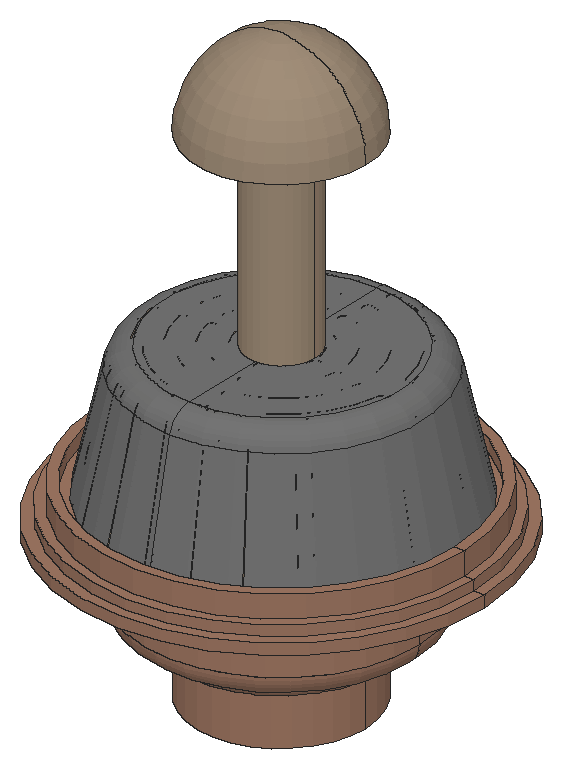
Revit family "Roof_Drain-Jay R. Smith-Round_Type-1910_Series", category Plumbing Fixtures, Revit 2021
Family settings
  Round Connector Dimension = Use Diameter
  Part Type = Normal
  OmniClass Number = 23.70.50.21.24.11
  OmniClass Title = Roof Waste Water Drains
  Work Plane-Based = Yes
  Always vertical = Yes
  Cut with Voids When Loaded = No
  Shared = No
  Room Calculation Point = No
Parameters (values of type "1910T05")
  Waste Connection = yes
  Vent Connection = no
  URL = "http://www.jrsmith.com"
  U - Vandal Proof Dome = no
  Standpipe Material = Metal-Jay R. Smith-Bronze
  Standpipe Longer (When Specified) = no
  Standpipe Cover Material = Metal-Jay R. Smith-Bronze
  R - Sump Receiver = no
  Product Page URL = "https://www.jrsmith.com/1910-roof-drain"
  Product Documentation Link = "https://www.jrsmith.com/uploads/fileLibrary/d1910.pdf"
  Model = "1910T05"
  Material = "Cast Iron-Jay R Smith-Duco Coated"
  Manufacturer = "Jay R. Smith Mfg. Co. "  # constant formula
  Installation Type = "Roof Mounted"  # constant formula
  HW Connection = no
  Dome Material = Metal-Jay R. Smith-Bronze
  Dome Height = 4 1/2"  # constant formula
  Diameter = 12"  # constant formula
  Description = "Roof Drain with Standpipe, Large Area Planter Type"  # constant formula
  Default Elevation = 0"  # constant formula
  Creation Date = "03/20/2024"  # constant formula
  Connection Size = 5"
  Connection Radius = Connection Size / 2  # 2 1/2"
  Connection Outlet Description = "5\" Threaded Outlet Connection"
  CW Connection = no
  C - Underdeck Clamp = no
  Bottom Depth = 4 3/4"
  Body Material = Cast Iron-Jay R Smith-Duco Coated
  Assembly Code = "D2040200"
Types (15): name | Model | Connection Size | Connection Radius | Connection Outlet Description | Bottom Depth
  1910Y02 | "1910Y02" | 2" | 1" | "2\" No-HUB Outlet Connection" | 6"
  1910Y03 | "1910Y03" | 3" | 1 1/2" | "3\" No-HUB Outlet Connection" | 6"
  1910Y04 | "1910Y04" | 4" | 2" | "4\" No-HUB Outlet Connection" | 6"
  1910Y05 | "1910Y05" | 5" | 2 1/2" | "5\" No-HUB Outlet Connection" | 6"
  1910Y06 | "1910Y06" | 6" | 3" | "6\" No-HUB Outlet Connection" | 6"
  1910C02 | "1910C02" | 2" | 1" | "2\" Caulk Outlet Connection" | 6"
  1910C03 | "1910C03" | 3" | 1 1/2" | "3\" Caulk Outlet Connection" | 6"
  1910C04 | "1910C04" | 4" | 2" | "4\" Caulk Outlet Connection" | 6"
  1910C05 | "1910C05" | 5" | 2 1/2" | "5\" Caulk Outlet Connection" | 6"
  1910C06 | "1910C06" | 6" | 3" | "6\" Caulk Outlet Connection" | 6"
  1910T02 | "1910T02" | 2" | 1" | "2\" Threaded Outlet Connection" | 4 3/4"
  1910T03 | "1910T03" | 3" | 1 1/2" | "3\" Threaded Outlet Connection" | 4 3/4"
  1910T04 | "1910T04" | 4" | 2" | "4\" Threaded Outlet Connection" | 4 3/4"
  1910T05 | "1910T05" | 5" | 2 1/2" | "5\" Threaded Outlet Connection" | 4 3/4"
  1910T06 | "1910T06" | 6" | 3" | "6\" Threaded Outlet Connection" | 4 3/4"
Reference planes (in)
  plane 1: z = 0
  plane 2: y = 0
  plane 3: x = 0
  plane 4: z = 4.5
  plane 5: z = -4.75
  plane 6: x = -6
  plane 7: x = 6
  plane 8: x = -4.875
  plane 9: x = 4.875
  plane 10: z = 10.5
Forms (in)
  Revolve 1, solid, material "Cast Iron-Jay R Smith-Duco Coated" <- "Body Material"
    sketch origin (-0.00719, 0, -13.75143) x (1, 0, 0) y (0, 0, 1)
      loop
        arc (2.87012, 10.64075) -> (3.04919, 10.71492) -> (3.12336, 10.89399) r 0.25324
        line (3.12336, 10.89399) -> (3.12336, 10.9462)
        arc (3.12336, 10.9462) -> (3.16789, 11.05371) -> (3.27541, 11.09825) r 0.15205
        line (3.27541, 11.09825) -> (3.31676, 11.09825)
        arc (3.31676, 11.09825) -> (3.85258, 11.25183) -> (4.08523, 11.75836) r 0.66775
        line (4.08523, 11.75836) -> (4.08523, 12.76636) -> (6.00719, 13.42193) -> (6.00719, 13.75143) -> (5.69577, 13.75143) -> (5.69577, 14.05626) -> (5.41344, 14.05626) -> (5.41344, 14.71046) -> (5.13283, 14.71046) -> (5.13283, 14.33802) -> (4.67695, 14.33802) -> (4.67695, 13.75143) -> (0.00719, 13.75143) -> (0.00719, 10.64075) -> (2.87012, 10.64075)
      axis (0, 10.64075) -> (0, 14.71046)
    angle from 0 to 360
  Revolve 2, solid, material "Cast Iron-Jay R Smith-Duco Coated" <- "Body Material"
    sketch origin (-8.0697, 0, 0) x (-1, 0, 0) y (0, 0, -1)
      loop
        line (-8.0697, 4.75) -> (-10.5697, 4.75) -> (-10.5697, 0) -> (-8.0697, 0) -> (-8.0697, 4.75)
      axis (-8.0697, 0) -> (-8.0697, 4.75)
    angle from 0 to 360
  Revolve 3, solid, material "Metal-Jay R. Smith-Bronze" <- "Standpipe Material"
    sketch origin (-8.86669, 0, 0) x (1, 0, 0) y (0, 0, 1)
      loop
        line (8.11669, 0) -> (8.11669, 10.5) -> (7.86669, 10.5) -> (7.86669, 0) -> (8.11669, 0)
      axis (8.86669, 10.5) -> (8.86669, 0)
    angle from 0 to 360
  Revolve 4, solid, material "Metal-Jay R. Smith-Bronze" <- "Dome Material"
    sketch origin (-8.11183, 0, 0) x (-1, 0, 0) y (0, 0, -1)
      loop
        line (-5.60559, -10.13112) -> (-8.11183, -10.13112) -> (-8.11183, -12.75343)
        arc (-8.11183, -12.75343) -> (-6.33291, -11.9448) -> (-5.60559, -10.13112) r 2.625
      axis (-8.11183, -12.75343) -> (-8.11183, -10.13112)
    angle from 0 to 360
Dimensions and locks (in)
  locked: plane 4 to level at 4.5
  "Bottom Depth": level to plane 5
  "Diameter": plane 7 to plane 6
  plane 9 to plane 8 = 9 3/4"
  "Connection Radius": Revolve 2 sketch curve to Revolve 2 sketch curve
  locked: Revolve 3 sketch curve to Revolve 3 sketch curve at 0.25
  locked: plane 10 to plane 4 at 6
  locked: Revolve 3 sketch curve to plane 3 at 1
  aligned and locked: plane 3 to Revolve 2 sketch curve  (x2)
  aligned and locked: Revolve 2 sketch curve to plane 5
  aligned and locked: level to Revolve 2 sketch curve
  aligned and locked: plane 3 to Revolve 3 sketch curve
  aligned and locked: Revolve 3 sketch curve to level
  aligned and locked: Revolve 3 to plane 10
  aligned and locked: plane 3 to Revolve 4 sketch curve
  aligned and locked: Revolve 4 sketch curve to plane 3
Automatic sketch dimensions
  Revolve 1 sketch curve to level = 0"  (x2)
  plane 3 to Revolve 1 sketch curve = 0"
  plane 7 to Revolve 1 sketch curve = 0"
  plane 9 to Revolve 1 sketch curve = 2.01207"
  Revolve 1 sketch curve to Revolve 1 sketch curve = 0.25324"
  Revolve 1 sketch curve to Revolve 1 sketch curve = 0.15205"
  Revolve 1 sketch curve to Revolve 1 sketch curve = 0.04135"
  Revolve 1 sketch curve to Revolve 1 sketch curve = 0.10072"
  plane 9 to Revolve 1 sketch curve = 0.79696"
  plane 9 to Revolve 1 sketch curve = 0.20524"
  Revolve 1 sketch curve to plane 9 = 0.25064"
  Revolve 1 sketch curve to Revolve 1 sketch curve = 0.28061"
  plane 7 to Revolve 1 sketch curve = 0.31142"
  Revolve 1 sketch curve to Revolve 1 sketch curve = 0.3295"
  Revolve 1 sketch curve to level = 0.98506"
  Revolve 1 sketch curve to Revolve 1 sketch curve = 1.008"
  Revolve 1 sketch curve to Revolve 1 sketch curve = 0.05221"
  level to Revolve 1 sketch curve = 0.30483"
  Revolve 1 sketch curve to Revolve 1 sketch curve = 0.28176"
  Revolve 1 sketch curve to Revolve 1 sketch curve = 0.37244"
  plane 3 to Revolve 1 sketch curve = 0.00719"
  Revolve 1 sketch curve to Revolve 1 sketch curve = 1.18736"
  Revolve 1 sketch curve to plane 5 = 4.32418"
  plane 4 to Revolve 3 sketch curve = 4"
  Revolve 3 sketch curve to Revolve 3 sketch curve = 2"
  Revolve 3 sketch curve to Revolve 3 sketch curve = 8"
  Revolve 4 sketch curve to Revolve 4 sketch curve = 0.11876"
  Revolve 4 sketch curve to Revolve 4 sketch curve = 0.25343"
  Revolve 4 sketch curve to Revolve 4 sketch curve = 8.74657"
  Revolve 4 sketch curve to plane 10 = 0.36888"
  plane 8 to Revolve 4 sketch curve = 2.36876"
  plane 10 to Revolve 2 sketch curve = 8"
  Revolve 2 sketch curve to plane 5 = 4.64255"
Nested families (in)
  nested 1: "DOME" at (0.04971, 0, 0) x (0, 1, 0) z (0, 0, 1), type "Dome"
  nested 2: "DOME-1" at (0.04883, 0, 0.00195) x (0, 1, 0) z (0, 0, 1), Finish <- "Dome Material", type "Dome"
    with Finish Metal-Jay R. Smith-Bronze
Connectors (in)
  piping at (0, 0, -4.75), diameter 5, driven by "Connection Size", driven by "Connection Outlet Description"
    settings: on Revolve 2, index 1, connector inside diameter 24", connector length 0", flow factor 0, pipe flow 0 GPM, pressure drop 0.00 psi, fitting loss kfactor 0, connector angle 0.00°, fixture units 0, engagement length 0", angle of deflection 0.00°, flow configuration 0, flow direction 2, fitting loss method 0, system type 16, joint type 0, gender type 0, connector reference index -1, connector utility 0, adjustable connector no, is connector primary yes, connector description "5\" Threaded Outlet Connection"
Definition of nested family "DOME"
  Parameters (values of type "Dome")
    Waste Connection = yes
    WFU = 0
    Vent Connection = no
    URL = ""
    Model = "Dome"
    Manufacturer = ""
    HW Connection = no
    Finish = none
    Description = ""
    Default Elevation = 0"
    Connection Radius = 2"
    CW Connection = no
  Reference planes (in)
    plane 1 "Center (Front/Back)": y = 0
    plane 2: z = 0
    plane 3 "Center (Left/Right)": x = 0
    plane 4: through (1.15564, -4.31289, 48) normal (0.9659, 0.2588, 0)
    plane 5: through (-1.15564, -4.31289, 48) normal (0.9659, -0.2588, 0)
    plane 6: through (-1.15564, -4.31289, 48) normal (0.9659, -0.2588, 0)
    plane 7: through (1.15564, 4.31289, 48) normal (-0.9659, 0.2588, 0)
    plane 8: through (-1.15564, 4.31289, 48) normal (-0.9659, -0.2588, 0)
    plane 9: through (2.23252, -3.86683, 48) normal (0.866, 0.5, 0)
    plane 10: through (2.23252, 3.86683, 48) normal (-0.866, 0.5, 0)
    plane 11: through (-3.15726, 3.15726, 48) normal (-0.7071, -0.7071, 0)
    plane 12: through (3.15726, 3.15726, 48) normal (-0.7071, 0.7071, 0)
    plane 13: through (-4.31289, 1.15564, 48) normal (-0.2588, -0.9659, 0)
    plane 14: through (3.86683, -2.23252, 48) normal (0.5, 0.866, 0)
    plane 15: through (4.31289, 1.15564, 48) normal (-0.2588, 0.9659, 0)
    plane 16: through (-3.86683, -2.23252, 48) normal (0.5, -0.866, 0)
    plane 17: through (0, 0, 48) normal (0.9914, 0.1305, 0)
    plane 18: z = 4.5
    plane 19: z = 5.66494
  Forms (in)
    Extrusion 1, solid
      sketch origin (0, 0, 0) x (1, 0, 0) y (0, 1, 0)
        loop
          line (-48, 48) -> (-48, -48) -> (48, -48) -> (48, 48) -> (-48, 48)
      from 0 to -12
    Revolve 2, solid
      sketch origin (0, 0, 6.20508) x (1, 0, 0) y (0, 0, 1)
        loop
          line (4.96005, -6.20508) -> (5.05669, -6.20508) -> (4.14071, -2.23754)
          arc (4.14071, -2.23754) -> (3.891, -1.84178) -> (3.44921, -1.6875) r 0.70968
          line (3.44921, -1.6875) -> (0, -1.6875) -> (0, -1.80663) -> (3.29898, -1.80663)
          arc (3.29898, -1.80663) -> (3.80423, -1.98308) -> (4.08981, -2.43569) r 0.81164
          line (4.08981, -2.43569) -> (4.96005, -6.20508)
        axis (0, -1.6875) -> (0, -6.20508)
      angle from 0 to 360
  Dimensions and locks (in)
    plane 18 to Extrusion 1 = 4 1/2"
    radius of Revolve 2 sketch curve = 0.81164"
    radius of Revolve 2 sketch curve = 0.70968"
    aligned and locked: plane 2 to Extrusion 1
    aligned and locked: level to Extrusion 1
Definition of nested family "DOME-1"
  Parameters (values of type "Dome")
    Waste Connection = yes
    WFU = 0
    Vent Connection = no
    URL = ""
    Model = "Dome"
    Manufacturer = ""
    HW Connection = no
    Finish [instance] = none
    Description = ""
    Default Elevation = 0"
    Connection Radius = 2"
    CW Connection = no
  Reference planes (in)
    plane 1 "Center (Front/Back)": y = 0
    plane 2: z = 0
    plane 3 "Center (Left/Right)": x = 0
    plane 4: through (1.15564, -4.31289, 48) normal (0.9659, 0.2588, 0)
    plane 5: through (-1.15564, -4.31289, 48) normal (0.9659, -0.2588, 0)
    plane 6: through (-1.15564, -4.31289, 48) normal (0.9659, -0.2588, 0)
    plane 7: through (1.15564, 4.31289, 48) normal (-0.9659, 0.2588, 0)
    plane 8: through (-1.15564, 4.31289, 48) normal (-0.9659, -0.2588, 0)
    plane 9: through (2.23252, -3.86683, 48) normal (0.866, 0.5, 0)
    plane 10: through (2.23252, 3.86683, 48) normal (-0.866, 0.5, 0)
    plane 11: through (-3.15726, 3.15726, 48) normal (-0.7071, -0.7071, 0)
    plane 12: through (3.15726, 3.15726, 48) normal (-0.7071, 0.7071, 0)
    plane 13: through (-4.31289, 1.15564, 48) normal (-0.2588, -0.9659, 0)
    plane 14: through (3.86683, -2.23252, 48) normal (0.5, 0.866, 0)
    plane 15: through (4.31289, 1.15564, 48) normal (-0.2588, 0.9659, 0)
    plane 16: through (-3.86683, -2.23252, 48) normal (0.5, -0.866, 0)
    plane 17: through (0, 0, 48) normal (0.9914, 0.1305, 0)
    plane 18: z = 4.5
    plane 19: z = 5.66494
  Forms (in)
    Extrusion 1, solid
      sketch origin (0, 0, 0) x (1, 0, 0) y (0, 1, 0)
        loop
          line (-48, 48) -> (-48, -48) -> (48, -48) -> (48, 48) -> (-48, 48)
      from 0 to -12
    Extrusion 2, void
      sketch origin (0, 0, 5.875) x (1, 0, 0) y (0, 1, 0)
        loop
          arc (0.44843, -2.71319) -> (1.94454, -1.94454) -> (2.71319, -0.44843) r 2.75
          arc (2.71319, -0.44843) -> (2.60981, -0.30738) -> (2.46654, -0.40766) r 0.12503
          arc (2.46654, -0.40766) -> (1.76777, -1.76777) -> (0.40766, -2.46654) r 2.5
          arc (0.40766, -2.46654) -> (0.30738, -2.60981) -> (0.44843, -2.71319) r 0.12503
        loop
          arc (0.329, -1.97275) -> (1.41421, -1.41421) -> (1.97275, -0.329) r 2
          arc (1.97275, -0.329) -> (1.87186, -0.18543) -> (1.72678, -0.28413) r 0.12503
          arc (1.72678, -0.28413) -> (1.23744, -1.23744) -> (0.28413, -1.72678) r 1.75
          arc (0.28413, -1.72678) -> (0.18543, -1.87186) -> (0.329, -1.97275) r 0.12503
        loop
          arc (0.20562, -1.23297) -> (0.88388, -0.88388) -> (1.23297, -0.20562) r 1.25
          arc (1.23297, -0.20562) -> (1.12842, -0.06144) -> (0.98577, -0.16809) r 0.12503
          arc (0.98577, -0.16809) -> (0.70453, -0.70968) -> (0.16091, -0.98697) r 1
          arc (0.16091, -0.98697) -> (0.06204, -1.132) -> (0.20562, -1.23297) r 0.12503
        loop
          arc (0.57072, -3.45315) -> (2.47487, -2.47487) -> (3.45315, -0.57072) r 3.5
          arc (3.45315, -0.57072) -> (3.34977, -0.42968) -> (3.2065, -0.52996) r 0.12503
          arc (3.2065, -0.52996) -> (2.2981, -2.2981) -> (0.52996, -3.2065) r 3.25
          arc (0.52996, -3.2065) -> (0.42968, -3.34977) -> (0.57072, -3.45315) r 0.12503
        loop
          arc (0.44843, 2.71319) -> (0.30738, 2.60981) -> (0.40766, 2.46654) r 0.12503
          arc (0.40766, 2.46654) -> (1.76777, 1.76777) -> (2.46654, 0.40766) r 2.5
          arc (2.46654, 0.40766) -> (2.60981, 0.30738) -> (2.71319, 0.44843) r 0.12503
          arc (2.71319, 0.44843) -> (1.94454, 1.94454) -> (0.44843, 2.71319) r 2.75
        loop
          arc (0.329, 1.97275) -> (0.18543, 1.87186) -> (0.28413, 1.72678) r 0.12503
          arc (0.28413, 1.72678) -> (1.23744, 1.23744) -> (1.72678, 0.28413) r 1.75
          arc (1.72678, 0.28413) -> (1.87186, 0.18543) -> (1.97275, 0.329) r 0.12503
          arc (1.97275, 0.329) -> (1.41421, 1.41421) -> (0.329, 1.97275) r 2
        loop
          arc (0.20562, 1.23297) -> (0.06204, 1.132) -> (0.16091, 0.98697) r 0.12503
          arc (0.16091, 0.98697) -> (0.70453, 0.70968) -> (0.98577, 0.16809) r 1
          arc (0.98577, 0.16809) -> (1.12842, 0.06144) -> (1.23297, 0.20562) r 0.12503
          arc (1.23297, 0.20562) -> (0.88388, 0.88388) -> (0.20562, 1.23297) r 1.25
        loop
          arc (0.57072, 3.45315) -> (0.42968, 3.34977) -> (0.52996, 3.2065) r 0.12503
          arc (0.52996, 3.2065) -> (2.2981, 2.2981) -> (3.2065, 0.52996) r 3.25
          arc (3.2065, 0.52996) -> (3.34977, 0.42968) -> (3.45315, 0.57072) r 0.12503
          arc (3.45315, 0.57072) -> (2.47487, 2.47487) -> (0.57072, 3.45315) r 3.5
        loop
          arc (-0.44843, -2.71319) -> (-0.30738, -2.60981) -> (-0.40766, -2.46654) r 0.12503
          arc (-0.40766, -2.46654) -> (-1.76777, -1.76777) -> (-2.46654, -0.40766) r 2.5
          arc (-2.46654, -0.40766) -> (-2.60981, -0.30738) -> (-2.71319, -0.44843) r 0.12503
          arc (-2.71319, -0.44843) -> (-1.94454, -1.94454) -> (-0.44843, -2.71319) r 2.75
        loop
          arc (-0.329, -1.97275) -> (-0.18543, -1.87186) -> (-0.28413, -1.72678) r 0.12503
          arc (-0.28413, -1.72678) -> (-1.23744, -1.23744) -> (-1.72678, -0.28413) r 1.75
          arc (-1.72678, -0.28413) -> (-1.87186, -0.18543) -> (-1.97275, -0.329) r 0.12503
          arc (-1.97275, -0.329) -> (-1.41421, -1.41421) -> (-0.329, -1.97275) r 2
        loop
          arc (-0.20562, -1.23297) -> (-0.06204, -1.132) -> (-0.16091, -0.98697) r 0.12503
          arc (-0.16091, -0.98697) -> (-0.70453, -0.70968) -> (-0.98577, -0.16809) r 1
          arc (-0.98577, -0.16809) -> (-1.12842, -0.06144) -> (-1.23297, -0.20562) r 0.12503
          arc (-1.23297, -0.20562) -> (-0.88388, -0.88388) -> (-0.20562, -1.23297) r 1.25
        loop
          arc (-0.57072, -3.45315) -> (-0.42968, -3.34977) -> (-0.52996, -3.2065) r 0.12503
          arc (-0.52996, -3.2065) -> (-2.2981, -2.2981) -> (-3.2065, -0.52996) r 3.25
          arc (-3.2065, -0.52996) -> (-3.34977, -0.42968) -> (-3.45315, -0.57072) r 0.12503
          arc (-3.45315, -0.57072) -> (-2.47487, -2.47487) -> (-0.57072, -3.45315) r 3.5
        loop
          arc (-0.44843, 2.71319) -> (-1.94454, 1.94454) -> (-2.71319, 0.44843) r 2.75
          arc (-2.71319, 0.44843) -> (-2.60981, 0.30738) -> (-2.46654, 0.40766) r 0.12503
          arc (-2.46654, 0.40766) -> (-1.76777, 1.76777) -> (-0.40766, 2.46654) r 2.5
          arc (-0.40766, 2.46654) -> (-0.30738, 2.60981) -> (-0.44843, 2.71319) r 0.12503
        loop
          arc (-0.329, 1.97275) -> (-1.41421, 1.41421) -> (-1.97275, 0.329) r 2
          arc (-1.97275, 0.329) -> (-1.87186, 0.18543) -> (-1.72678, 0.28413) r 0.12503
          arc (-1.72678, 0.28413) -> (-1.23744, 1.23744) -> (-0.28413, 1.72678) r 1.75
          arc (-0.28413, 1.72678) -> (-0.18543, 1.87186) -> (-0.329, 1.97275) r 0.12503
        loop
          arc (-0.20562, 1.23297) -> (-0.88388, 0.88388) -> (-1.23297, 0.20562) r 1.25
          arc (-1.23297, 0.20562) -> (-1.12842, 0.06144) -> (-0.98577, 0.16809) r 0.12503
          arc (-0.98577, 0.16809) -> (-0.70453, 0.70968) -> (-0.16091, 0.98697) r 1
          arc (-0.16091, 0.98697) -> (-0.06204, 1.132) -> (-0.20562, 1.23297) r 0.12503
        loop
          arc (-0.57072, 3.45315) -> (-2.47487, 2.47487) -> (-3.45315, 0.57072) r 3.5
          arc (-3.45315, 0.57072) -> (-3.34977, 0.42968) -> (-3.2065, 0.52996) r 0.12503
          arc (-3.2065, 0.52996) -> (-2.2981, 2.2981) -> (-0.52996, 3.2065) r 3.25
          arc (-0.52996, 3.2065) -> (-0.42968, 3.34977) -> (-0.57072, 3.45315) r 0.12503
      from -1.66198 to -0.25663
    Extrusion 3, void
      sketch origin (-0.43301, 0.25, -0.45132) x (0.5, 0.866025, 0) y (0, 0, 1)
        loop
          line (-0.1875, 0.59953) -> (0.1875, 0.59953) -> (0.1875, 4.66434) -> (-0.1875, 4.66434) -> (-0.1875, 0.59953)
      from -5.07939 to 6.07939
    Extrusion 4, void
      sketch origin (-0.12941, 0.48296, -0.45132) x (0.965926, 0.258819, 0) y (0, 0, 1)
        loop
          line (-0.1875, 0.59953) -> (0.1875, 0.59953) -> (0.1875, 4.66434) -> (-0.1875, 4.66434) -> (-0.1875, 0.59953)
      from -5.07939 to 6.07939
    Extrusion 5, void
      sketch origin (0.12941, 0.48296, -0.45132) x (-0.965926, 0.258819, 0) y (0, 0, -1)
        loop
          line (-0.1875, -0.59953) -> (-0.1875, -4.66434) -> (0.1875, -4.66434) -> (0.1875, -0.59953) -> (-0.1875, -0.59953)
      from -5.07939 to 6.07939
    Extrusion 6, void
      sketch origin (0.48296, 0.12941, -0.45132) x (-0.258819, 0.965926, 0) y (0, 0, -1)
        loop
          line (-0.1875, -0.59953) -> (-0.1875, -4.66434) -> (0.1875, -4.66434) -> (0.1875, -0.59953) -> (-0.1875, -0.59953)
      from -5.07939 to 6.07939
    Extrusion 7, void
      sketch origin (0.35355, 0.35355, -0.45132) x (0.707107, -0.707107, 0) y (0, 0, 1)
        loop
          line (-0.1875, 0.59953) -> (0.1875, 0.59953) -> (0.1875, 4.66434) -> (-0.1875, 4.66434) -> (-0.1875, 0.59953)
      from -5.07939 to 6.07939
    Extrusion 8, void
      sketch origin (0.5, 0, -0.45132) x (0, -1, 0) y (0, 0, 1)
        loop
          line (-0.1875, 0.59953) -> (0.1875, 0.59953) -> (0.1875, 4.66434) -> (-0.1875, 4.66434) -> (-0.1875, 0.59953)
      from -5.07939 to 6.07939
    Extrusion 9, void
      sketch origin (0.25, 0.43301, -0.45132) x (0.866025, -0.5, 0) y (0, 0, 1)
        loop
          line (-0.1875, 0.59953) -> (0.1875, 0.59953) -> (0.1875, 4.66434) -> (-0.1875, 4.66434) -> (-0.1875, 0.59953)
      from -5.07939 to 6.07939
    Extrusion 10, void
      sketch origin (0.48296, -0.12941, -0.45132) x (-0.258819, -0.965926, 0) y (0, 0, 1)
        loop
          line (-0.1875, 0.59953) -> (0.1875, 0.59953) -> (0.1875, 4.66434) -> (-0.1875, 4.66434) -> (-0.1875, 0.59953)
      from -5.07939 to 6.07939
    Extrusion 11, void
      sketch origin (-0.25, 0.43301, -0.45132) x (-0.866025, -0.5, 0) y (0, 0, -1)
        loop
          line (-0.1875, -0.59953) -> (-0.1875, -4.66434) -> (0.1875, -4.66434) -> (0.1875, -0.59953) -> (-0.1875, -0.59953)
      from -5.07939 to 6.07939
    Extrusion 12, void
      sketch origin (0.35355, -0.35355, -0.45132) x (0.707107, 0.707107, 0) y (0, 0, -1)
        loop
          line (-0.1875, -0.59953) -> (-0.1875, -4.66434) -> (0.1875, -4.66434) -> (0.1875, -0.59953) -> (-0.1875, -0.59953)
      from -5.07939 to 6.07939
    Extrusion 13, void
      sketch origin (0, 0.5, -0.45132) x (1, 0, 0) y (0, 0, 1)
        loop
          line (-0.1875, 0.59953) -> (0.1875, 0.59953) -> (0.1875, 4.66434) -> (-0.1875, 4.66434) -> (-0.1875, 0.59953)
      from -5.07939 to 6.07939
    Extrusion 14, void
      sketch origin (0.43301, 0.25, -0.45132) x (-0.5, 0.866025, 0) y (0, 0, -1)
        loop
          line (-0.1875, -0.59953) -> (-0.1875, -4.66434) -> (0.1875, -4.66434) -> (0.1875, -0.59953) -> (-0.1875, -0.59953)
      from -5.07939 to 6.07939
    Revolve 15, solid, material <- "Finish"
      sketch origin (0, 0, 6.20508) x (1, 0, 0) y (0, 0, 1)
        loop
          line (4.96005, -6.20508) -> (5.02544, -6.20508) -> (4.11306, -2.25316)
          arc (4.11306, -2.25316) -> (3.86336, -1.8574) -> (3.42157, -1.70312) r 0.70968
          line (3.42157, -1.70312) -> (0, -1.70312) -> (0, -1.80663) -> (3.29898, -1.80663)
          arc (3.29898, -1.80663) -> (3.80423, -1.98308) -> (4.08981, -2.43569) r 0.81164
          line (4.08981, -2.43569) -> (4.96005, -6.20508)
        axis (0, -1.70312) -> (0, -6.20508)
      angle from 0 to 360
  Cuts and joins
    Extrusion 2, Extrusion 3, Extrusion 4, Extrusion 5, Extrusion 6, Extrusion 7, Extrusion 8, Extrusion 9, Extrusion 10, Extrusion 11, Extrusion 12, Extrusion 13, Extrusion 14 cuts Revolve 15
  Dimensions and locks (in)
    plane 18 to Extrusion 1 = 4 1/2"
    radius of Revolve 15 sketch curve = 0.81164"
    radius of Revolve 15 sketch curve = 0.70968"
    aligned and locked: plane 2 to Extrusion 1
    aligned and locked: level to Extrusion 1
    aligned and locked: Extrusion 13 to Extrusion 4
    aligned and locked: Extrusion 13 to Extrusion 11
    aligned and locked: Extrusion 12 to Extrusion 13
    aligned and locked: Extrusion 5 to Extrusion 13
    aligned and locked: Extrusion 13 to Extrusion 3
    aligned and locked: Extrusion 10 to Extrusion 13
    aligned and locked: Extrusion 8 to Extrusion 13
    aligned and locked: Extrusion 9 to Extrusion 13
    aligned and locked: Extrusion 7 to Extrusion 13
    aligned and locked: Extrusion 6 to Extrusion 13
    aligned and locked: Extrusion 14 to Extrusion 13
    aligned and locked: Extrusion 4 to Extrusion 13
    aligned and locked: Extrusion 11 to Extrusion 4
    aligned and locked: Extrusion 12 to Extrusion 4
    aligned and locked: Extrusion 3 to Extrusion 4
    aligned and locked: Extrusion 3 to Extrusion 5
